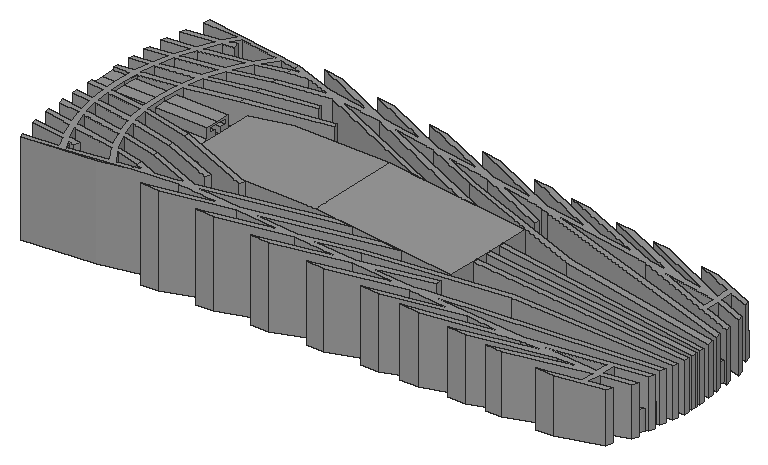
Revit family "Superstreet 340", category Осветительные приборы, Revit 2017 (continued)
Types (11, lengths in mm): name | built-in parameter 1150134 | Файл фотометрической сетки | built-in parameter 1150105 | Lumens | built-in parameter 1150106 | built-in parameter 1150142 | Wattage | built-in parameter 1150107 | Артикул
  (no name) | 2 | "Superstreet 340-310-LLI8-5.0K-01.ies" | 2716.1 (stored number, unit not read) | 34131 lm | 27.161 (stored number, unit not read) | "ISNA:LM-63-1995\r\n[TEST]LEDEL\r\n[DATA]28.05.2018\r\n[MANUFAC]LEDEL\r\n[LUMCAT]Superstreet 340/310/Ш8/5.0K/01\r\n[LUMINAIRE]Для освещения дорог категорий А и Б, городских улиц и площадей\r\n[LAMPCAT]LED\r\n[LAMP]OSRAM OSLON SQUARE3\r\nTILT=NONE\r\n\r\n1 34131 1.743423405016 37 37 1 2 0.636 0.256 0.100\r\n1 1 310\r\n\r\n0 2.5 5 7.5 10 12.5 15 17.5 20 22.5 25 27.5 30 32.5 35 37.5 40 42.5 45 47.5\r\n 50 52.5 55 57.5 60 62.5 65 67.5 70 72.5 75 77.5 80 82.5 85 87.5 90\r\n\r\n90 95 100 105 110 115 120 125 130 135 140 145 150 155 160 165 170 175 180\r\n 185 190 195 200 205 210 215 220 225 230 235 240 245 250 255 260 265 270\r\n\r\n\r\n  5234 5069 4912 4721 4546 4367 4231 4063 3931 3763 3617 3444 3273 3104 2928\r\n  2742 2555 2372 2218 2006 1787 1530 1281 1087 952 824 703 601 506 425\r\n  323 249 147 103 59 56 37\r\n  5220 5081 4912 4744 4554 4385 4231 4100 3939 3792 3624 3459 3294 3122 2965\r\n  2785 2584 2394 2211 2010 1801 1533 1289 1095 952 820 689 601 520 414\r\n  337 249 162 106 59 41 37\r\n  5212 5077 4920 4747 4583 4422 4275 4129 3983 3840 3690 3532 3375 3221 3068\r\n  2885 2702 2486 2270 2068 1845 1600 1333 1102 981 835 711 615 528 428\r\n  330 253 191 118 74 44 37\r\n  5234 5081 4927 4773 4590 4436 4305 4176 4026 3880 3726 3573 3426 3280 3133\r\n  2958 2745 2504 2299 2094 1896 1640 1362 1146 996 850 732 630 535 440\r\n  337 264 191 118 88 44 37\r\n  5227 5081 4934 4773 4612 4495 4349 4239 4092 3957 3800 3646 3485 3368 3265\r\n  3082 2804 2548 2328 2141 1918 1684 1421 1190 1011 879 769 663 571 443\r\n  366 282 198 129 59 44 37\r\n  5198 5081 4949 4795 4656 4528 4422 4311 4195 4063 3939 3778 3639 3514 3397\r\n  3243 2958 2654 2431 2255 2057 1805 1523 1278 1077 934 820 692 593 464\r\n  381 293 191 129 74 44 44\r\n  5212 5095 4978 4846 4707 4601 4502 4422 4290 4213 4100 3953 3807 3701 3573\r\n  3386 3119 2855 2636 2431 2248 2010 1750 1494 1230 1014 879 762 645 516\r\n  396 293 198 121 59 59 30\r\n  5198 5081 4993 4861 4751 4637 4568 4495 4414 4315 4231 4114 4012 3901 3748\r\n  3517 3273 3046 2826 2639 2467 2255 1984 1691 1413 1172 1011 853 703 571\r\n  418 305 198 132 88 59 37\r\n  5212 5106 5015 4920 4824 4744 4671 4612 4568 4495 4429 4352 4275 4191 4070\r\n  3807 3543 3356 3170 2961 2745 2562 2299 1992 1662 1395 1216 1029 842 637\r\n  454 308 220 169 88 48 30\r\n  5198 5110 5015 4938 4861 4788 4758 4715 4678 4627 4583 4524 4466 4378 4195\r\n  3957 3770 3631 3470 3269 3038 2815 2606 2302 1926 1618 1421 1190 937 703\r\n  484 337 213 132 96 44 44\r\n  5198 5117 5051 4993 4934 4864 4846 4846 4817 4784 4729 4700 4663 4583 4414\r\n  4224 4085 3939 3800 3635 3441 3221 2972 2727 2343 1943 1647 1391 1084 780\r\n  535 370 249 147 103 82 52\r\n  5190 5132 5073 5011 4985 4956 4949 4945 4941 4923 4912 4882 4861 4777 4656\r\n  4524 4414 4311 4188 4045 3924 3734 3529 3313 2987 2551 2035 1533 1208 868\r\n  601 414 264 154 110 55 52\r\n  5212 5154 5103 5081 5051 5037 5051 5069 5081 5077 5081 5095 5081 5022 4941\r\n  4861 4817 4770 4678 4583 4502 4422 4349 4224 4026 3631 2987 2156 1435 1014\r\n  718 502 293 191 118 88 59\r\n  5212 5154 5110 5110 5110 5110 5146 5168 5190 5227 5256 5256 5249 5230 5198\r\n  5165 5154 5150 5051 5004 4993 4978 4978 4956 4861 4586 3939 2931 1845 1149\r\n  784 531 323 202 125 88 59\r\n  5190 5168 5154 5168 5161 5194 5242 5271 5315 5344 5395 5421 5432 5424 5447\r\n  5432 5447 5432 5344 5292 5322 5344 5403 5476 5505 5453 5146 4304 3002 1698\r\n  1003 663 418 264 140 103 74\r\n  5183 5172 5161 5183 5212 5256 5329 5359 5417 5476 5505 5560 5600 5614 5652\r\n  5640 5666 5637 5512 5505 5549 5578 5637 5710 5813 5900 5813 5252 4056 2615\r\n  1435 798 484 290 162 92 59\r\n  5183 5168 5176 5198 5256 5326 5403 5476 5512 5578 5622 5666 5710 5743 5769\r\n  5779 5813 5713 5622 5637 5652 5666 5673 5739 5856 5959 5959 5658 4751 3347\r\n  2035 1097 579 337 162 103 88\r\n  5183 5183 5212 5245 5315 5388 5483 5564 5608 5677 5739 5791 5820 5856 5893\r\n  5912 5886 5769 5695 5710 5681 5677 5673 5725 5769 5798 5725 5530 4971 3850\r\n  2482 1350 667 344 191 118 74\r\n  5183 5183 5183 5227 5242 5286 5344 5406 5476 5549 5593 5652 5710 5754 5813\r\n  5842 5893 5845 5827 5801 5798 5798 5805 5813 5813 5725 5534 5173 4385 3369\r\n  2240 1144 476 249 140 100 59\r\n  5183 5198 5227 5242 5286 5344 5417 5490 5564 5637 5725 5798 5835 5900 5974\r\n  6018 6069 6047 6010 5988 5974 5959 5944 5926 5900 5809 5622 5341 4715 3790\r\n  2643 1466 630 264 147 103 88\r\n  5183 5204 5256 5286 5351 5429 5490 5578 5666 5743 5820 5904 5988 6065 6149\r\n  6208 6244 6241 6230 6222 6208 6219 6208 6222 6208 6164 6083 6018 5666 4778\r\n  3390 1799 732 308 198 132 96\r\n  5183 5242 5271 5344 5410 5505 5586 5666 5761 5856 5966 6050 6142 6237 6310\r\n  6384 6427 6457 6449 6471 6486 6574 6647 6720 6837 6911 6976 6998 6362 4917\r\n  3294 1784 740 337 191 114 74\r\n  5190 5256 5315 5388 5476 5549 5652 5739 5842 5936 6054 6149 6244 6340 6427\r\n  6501 6574 6662 6728 6823 6940 7104 7291 7467 7643 7804 7774 7266 6127 4650\r\n  3265 1945 886 363 183 103 59\r\n  5212 5256 5322 5406 5498 5593 5695 5798 5900 6000 6120 6211 6310 6402 6501\r\n  6629 6720 6867 7028 7221 7423 7613 7796 7997 8235 8283 7818 6904 5695 4065\r\n  2460 1308 689 366 205 129 96\r\n  5212 5286 5359 5447 5556 5640 5739 5842 5952 6061 6164 6284 6391 6530 6647\r\n  6797 6962 7148 7364 7543 7694 7851 8045 8308 8433 8072 7181 5866 4063 2267\r\n  1230 758 491 282 176 88 52\r\n  5190 5271 5373 5442 5556 5640 5747 5842 5944 6061 6157 6296 6405 6548 6698\r\n  6881 7064 7262 7423 7540 7635 7789 8016 8147 7848 6967 5505 3659 2050 1246\r\n  850 597 396 227 125 88 44\r\n  5198 5292 5388 5490 5586 5681 5783 5863 5974 6076 6179 6314 6464 6618 6786\r\n  6958 7130 7262 7320 7379 7445 7566 7628 7229 6310 4885 3163 1876 1281 975\r\n  711 469 323 205 125 88 44\r\n  5198 5292 5395 5490 5593 5688 5783 5863 5981 6097 6222 6369 6537 6694 6859\r\n  6995 7086 7116 7108 7119 7130 6984 6384 5349 3990 2510 1582 1245 1025 788\r\n  571 381 279 176 96 59 30\r\n  5212 5318 5417 5509 5600 5710 5798 5886 5974 6079 6230 6369 6530 6668 6793\r\n  6881 6903 6878 6815 6709 6530 5996 4978 3743 2284 1490 1238 1037 857 671\r\n  513 363 271 147 96 48 44\r\n  5198 5315 5417 5520 5615 5691 5798 5863 5981 6120 6244 6413 6545 6647 6735\r\n  6746 6691 6588 6442 6201 5813 5100 4070 2765 1633 1224 1055 913 769 615\r\n  498 366 264 147 96 44 30\r\n  5212 5333 5425 5549 5637 5713 5798 5852 5981 6120 6252 6413 6537 6621 6632\r\n  6585 6486 6322 6083 5725 5234 4441 3375 2121 1333 1080 930 814 681 586\r\n  469 363 249 147 88 44 30\r\n  5198 5329 5432 5527 5608 5710 5769 5842 5974 6097 6266 6413 6515 6559 6515\r\n  6424 6274 6003 5659 5228 4612 3767 2665 1604 1157 993 857 747 623 539\r\n  440 352 257 147 96 44 30\r\n  5227 5329 5432 5527 5622 5710 5761 5842 5959 6091 6252 6384 6471 6497 6427\r\n  6307 6113 5809 5395 4909 4261 3409 2270 1414 1077 937 828 692 608 510\r\n  418 330 249 144 88 30 22\r\n  5234 5344 5461 5564 5644 5713 5783 5856 5988 6135 6288 6409 6457 6427 6325\r\n  6179 5944 5575 5132 4620 3917 2966 1867 1235 1025 901 769 671 579 476\r\n  396 293 205 144 74 30 22\r\n  5212 5333 5439 5552 5622 5688 5761 5827 5944 6079 6237 6369 6413 6384 6288\r\n  6143 5871 5490 5051 4536 3836 2868 1794 1224 1011 876 762 659 579 466\r\n  374 293 191 129 66 19 15\r\n  5220 5347 5476 5564 5637 5710 5754 5827 5930 6091 6237 6340 6384 6336 6244\r\n  6076 5805 5393 4934 4418 3690 2721 1706 1201 1011 876 754 630 542 466\r\n  381 290 191 118 52 41 30\r\n  5234 5359 5476 5564 5652 5710 5754 5831 5944 6113 6244 6340 6384 6314 6230\r\n  6073 5747 5286 4839 4287 3536 2520 1574 1168 1018 876 747 653 535 454\r\n  366 253 183 114 59 30 15" | 229.773 W | 5000 (stored number, unit not read) | "306115"
  Superstreet 340 4.0К Ш7 | 12 | "Superstreet 340-310-LLI7-4.0K-05.ies" | 2750.6 (stored number, unit not read) | 34565 lm | 27.506 (stored number, unit not read) | "ISNA:LM-63-1995\r\n[TEST]LEDEL\r\n[DATA]28.05.2018\r\n[MANUFAC]LEDEL\r\n[LUMCAT]Superstreet 340/310/Ш7/4.0K/05\r\n[LUMINAIRE]Для освещения дорог категорий А и Б, городских улиц и площадей\r\n[LAMPCAT]LED\r\n[LAMP]OSRAM OSLON SQUARE3\r\nTILT=NONE\r\n\r\n1 34565 1.2651903367496 37 37 1 2 0.636 0.256 0.100\r\n1 1 310\r\n\r\n0 2.5 5 7.5 10 12.5 15 17.5 20 22.5 25 27.5 30 32.5 35 37.5 40 42.5 45 47.5\r\n 50 52.5 55 57.5 60 62.5 65 67.5 70 72.5 75 77.5 80 82.5 85 87.5 90\r\n\r\n90 95 100 105 110 115 120 125 130 135 140 145 150 155 160 165 170 175 180\r\n 185 190 195 200 205 210 215 220 225 230 235 240 245 250 255 260 265 270\r\n\r\n  6845 6637 6468 6340 6224 6122 6040 5994 5964 5946 5928 5855 5708 5491 5207\r\n  4870 4497 4086 3619 2936 2029 1269 936 811 716 646 559 477 399 329\r\n  272 218 163 121 85 73 67\r\n  6842 6643 6489 6364 6248 6157 6076 6030 6006 5994 5961 5874 5717 5479 5191\r\n  4841 4467 4068 3601 2928 2026 1263 927 800 710 628 550 473 405 339\r\n  278 224 176 123 85 73 73\r\n  6836 6648 6504 6394 6284 6193 6115 6061 6030 6002 5961 5857 5677 5424 5110\r\n  4749 4371 3984 3553 2938 2080 1299 927 793 695 612 538 473 408 345\r\n  281 227 176 127 91 73 73\r\n  6839 6656 6519 6411 6305 6212 6136 6073 6030 5994 5931 5810 5614 5351 5016\r\n  4646 4262 3887 3468 2895 2101 1331 927 787 692 610 526 462 405 345\r\n  284 236 182 130 91 79 73\r\n  6857 6687 6556 6442 6341 6248 6166 6092 6040 5990 5907 5781 5587 5312 4980\r\n  4606 4229 3857 3477 2977 2243 1457 969 793 701 618 538 471 408 351\r\n  293 242 188 141 103 79 73\r\n  6876 6714 6592 6479 6381 6291 6202 6128 6067 6000 5910 5780 5590 5327 4998\r\n  4634 4265 3909 3562 3146 2530 1737 1102 829 722 642 574 498 429 365\r\n  311 254 206 147 106 79 76\r\n  6885 6744 6613 6509 6411 6317 6242 6175 6109 6038 5952 5839 5665 5430 5131\r\n  4784 4416 4053 3710 3320 2783 2016 1283 885 737 654 583 521 459 396\r\n  332 272 206 151 106 79 79\r\n  6903 6767 6643 6545 6462 6376 6296 6230 6160 6082 6000 5888 5726 5501 5222\r\n  4892 4540 4186 3833 3447 2922 2221 1473 966 758 667 598 544 480 417\r\n  348 278 209 147 109 80 79\r\n  6933 6809 6697 6604 6528 6450 6378 6308 6239 6171 6091 5990 5858 5677 5448\r\n  5171 4847 4501 4141 3789 3387 2822 2050 1299 882 731 643 575 514 447\r\n  378 296 224 160 112 85 79\r\n  6945 6835 6737 6652 6592 6531 6462 6394 6335 6278 6202 6109 6003 5869 5689\r\n  5454 5170 4852 4497 4144 3776 3302 2611 1773 1108 800 683 592 523 449\r\n  375 292 224 170 115 91 85\r\n  6948 6854 6770 6696 6646 6598 6534 6477 6429 6375 6299 6214 6124 6015 5880\r\n  5706 5484 5224 4914 4579 4217 3773 3151 2323 1494 952 728 616 523 443\r\n  369 292 230 170 115 91 85\r\n  6966 6888 6815 6761 6731 6694 6646 6610 6562 6509 6447 6370 6293 6214 6142\r\n  6056 5943 5802 5611 5363 5047 4666 4159 3390 2397 1459 885 667 553 473\r\n  405 320 239 171 121 100 88\r\n  6972 6912 6857 6815 6803 6780 6767 6743 6713 6670 6622 6562 6498 6442 6414\r\n  6405 6393 6381 6344 6263 6106 5834 5406 4730 3713 2472 1389 813 619 485\r\n  387 308 242 176 124 103 91\r\n  6984 6937 6900 6875 6875 6882 6882 6882 6872 6841 6806 6767 6719 6696 6703\r\n  6741 6803 6882 6975 7060 7105 7081 6906 6419 5499 4106 2530 1302 731 515\r\n  399 316 245 182 133 109 103\r\n  7002 6978 6954 6948 6969 7002 7032 7045 7051 7051 7038 7020 7011 7014 7045\r\n  7105 7217 7368 7552 7707 7853 8081 8285 8289 7823 6601 4666 2611 1171 632\r\n  456 340 251 183 139 115 109\r\n  7014 7008 7008 7020 7063 7111 7171 7214 7250 7274 7286 7298 7316 7340 7389\r\n  7491 7678 7905 8046 8065 8206 8518 8934 9387 9673 9413 8113 5688 2970 1262\r\n  649 427 287 194 151 121 112\r\n  7038 6978 6933 6918 6960 7037 7138 7248 7355 7454 7545 7641 7721 7792 7859\r\n  7935 8013 8158 8466 8560 8318 8108 8046 8074 8164 8374 8792 9496 10222 9363\r\n  5843 2073 459 177 206 196 157\r\n  7038 6972 6909 6888 6912 6978 7069 7165 7253 7339 7416 7491 7564 7623 7681\r\n  7745 7844 8056 8306 8277 8037 7884 7847 7882 7977 8169 8505 9025 9254 7315\r\n  3462 939 302 272 248 194 145\r\n  7032 6934 6863 6845 6875 6931 7008 7082 7150 7214 7280 7336 7383 7438 7488\r\n  7541 7648 7948 8215 8006 7711 7642 7678 7776 7956 8262 8707 9327 9269 6496\r\n  2563 578 345 289 212 151 121\r\n  7038 6971 6906 6888 6915 6978 7072 7167 7253 7340 7419 7494 7564 7624 7684\r\n  7746 7850 8063 8306 8272 8031 7882 7847 7884 7977 8176 8520 9037 9242 7225\r\n  3372 909 293 272 245 192 145\r\n  7038 7051 7051 7087 7129 7209 7304 7376 7437 7491 7533 7570 7612 7654 7718\r\n  7855 8125 8417 8460 8317 8327 8482 8762 9230 9912 10638 10817 9538 6534 3389\r\n  1286 529 332 222 170 137 115\r\n  7014 6993 6954 6949 6996 7070 7180 7305 7431 7541 7648 7746 7841 7921 8010\r\n  8084 8152 8262 8590 8923 8795 8496 8391 8458 8701 9202 10132 11696 13277 12469\r\n  8391 3318 764 247 236 212 170\r\n  7002 6996 6972 6978 7026 7111 7226 7361 7497 7619 7733 7843 7944 8042 8125\r\n  8215 8297 8387 8629 9035 9163 9005 8985 9247 9890 11072 12785 14109 13895 11897\r\n  8885 5242 1965 519 221 182 157\r\n  6984 6996 6984 7008 7069 7153 7271 7408 7555 7686 7808 7921 8043 8150 8255\r\n  8362 8484 8614 8837 9302 9670 9792 10014 10778 12426 14096 14194 13140 12190 10471\r\n  7041 3191 1005 438 293 210 142\r\n  6972 7002 7008 7045 7108 7192 7313 7450 7600 7746 7874 8004 8128 8259 8394\r\n  8538 8713 8917 9190 9677 10289 10786 11608 13450 14725 14134 12884 11593 9208 5164\r\n  1956 816 529 379 266 180 118\r\n  6966 7008 7032 7081 7144 7232 7337 7474 7627 7778 7923 8060 8212 8362 8538\r\n  8748 8994 9306 9679 10116 10690 11728 13609 14784 14236 12909 10775 7159 3311 1390\r\n  827 595 435 326 251 176 115\r\n  6948 7010 7051 7112 7186 7268 7373 7511 7669 7825 7983 8129 8294 8484 8719\r\n  9012 9347 9729 10180 10789 11831 13568 14644 13990 12260 8812 4280 1754 1096 850\r\n  619 476 381 295 221 150 91\r\n 6945 7020 7072 7141 7217 7298 7386 7517 7675 7832 7989 8152 8336 8564 8855\r\n  9196 9565 9985 10560 11435 12878 14073 13603 11822 7808 3327 1443 1067 843 645\r\n  532 469 387 306 215 144 85\r\n  6933 7020 7084 7167 7256 7336 7422 7547 7687 7843 8007 8187 8406 8674 8994\r\n  9342 9734 10246 10986 12100 13183 13045 11584 7858 3360 1421 1030 872 701 592\r\n  529 477 399 308 224 150 85\r\n  6903 7016 7102 7192 7292 7376 7470 7577 7711 7855 8022 8232 8493 8792 9112\r\n  9457 9881 10460 11270 12197 12374 11278 8068 3303 1325 1033 894 729 628 562\r\n  514 438 354 284 224 150 82\r\n  6885 7020 7114 7214 7319 7413 7497 7606 7721 7855 8025 8248 8523 8822 9124\r\n  9471 9924 10518 11230 11680 11164 9251 4998 1839 1027 917 803 693 616 556\r\n  486 402 339 284 221 144 79\r\n  6876 7023 7129 7239 7349 7444 7536 7636 7742 7862 8034 8267 8544 8828 9121\r\n  9466 9927 10479 10977 10907 9779 6791 2922 1248 936 864 767 677 610 541\r\n  453 381 323 278 212 139 79\r\n  6857 7023 7150 7269 7386 7485 7576 7674 7778 7909 8083 8321 8605 8870 9145\r\n  9513 9975 10424 10615 9987 8071 4378 1679 1030 936 826 719 645 580 489\r\n  411 349 308 254 185 120 61\r\n  6839 7016 7159 7281 7404 7505 7591 7686 7799 7939 8110 8351 8611 8852 9121\r\n  9483 9897 10228 10183 9266 6924 3396 1374 989 915 807 710 645 559 469\r\n  399 349 302 241 170 109 61\r\n  6836 7016 7168 7299 7419 7521 7615 7708 7814 7945 8125 8365 8620 8841 9097\r\n  9432 9785 10040 9909 8910 6513 3311 1443 965 900 833 755 674 580 489\r\n  426 375 317 242 173 120 76\r\n  6842 7034 7186 7325 7452 7552 7648 7745 7850 7981 8170 8424 8665 8894 9163\r\n  9505 9827 9978 9610 8258 5439 2466 1217 1012 942 852 764 677 577 483\r\n  417 357 287 210 148 91 55\r\n  6845 7040 7207 7348 7476 7582 7684 7782 7890 8018 8212 8478 8726 8955 9214\r\n  9558 9854 9987 9583 8258 5575 2690 1286 995 945 873 782 687 583 488\r\n  420 357 281 194 139 85 49\r\n\r\n\r\n\r\n" | 232.695 W | 4000 (stored number, unit not read) | "306118"
  Superstreet 340 4.0К Ш8 | 12 | "Superstreet 340-310-LLI8-4.0K-01.ies" | 2716.1 (stored number, unit not read) | 34131 lm | 27.161 (stored number, unit not read) | "ISNA:LM-63-1995\r\n[TEST]LEDEL\r\n[DATA]28.05.2018\r\n[MANUFAC]LEDEL\r\n[LUMCAT]Superstreet 340/310/Ш8/4.0K/01\r\n[LUMINAIRE]Для освещения дорог категорий А и Б, городских улиц и площадей\r\n[LAMPCAT]LED\r\n[LAMP]OSRAM OSLON SQUARE3\r\nTILT=NONE\r\n\r\n1 34131 1.743423405016 37 37 1 2 0.636 0.256 0.100\r\n1 1 310\r\n\r\n0 2.5 5 7.5 10 12.5 15 17.5 20 22.5 25 27.5 30 32.5 35 37.5 40 42.5 45 47.5\r\n 50 52.5 55 57.5 60 62.5 65 67.5 70 72.5 75 77.5 80 82.5 85 87.5 90\r\n\r\n90 95 100 105 110 115 120 125 130 135 140 145 150 155 160 165 170 175 180\r\n 185 190 195 200 205 210 215 220 225 230 235 240 245 250 255 260 265 270\r\n\r\n\r\n  5234 5069 4912 4721 4546 4367 4231 4063 3931 3763 3617 3444 3273 3104 2928\r\n  2742 2555 2372 2218 2006 1787 1530 1281 1087 952 824 703 601 506 425\r\n  323 249 147 103 59 56 37\r\n  5220 5081 4912 4744 4554 4385 4231 4100 3939 3792 3624 3459 3294 3122 2965\r\n  2785 2584 2394 2211 2010 1801 1533 1289 1095 952 820 689 601 520 414\r\n  337 249 162 106 59 41 37\r\n  5212 5077 4920 4747 4583 4422 4275 4129 3983 3840 3690 3532 3375 3221 3068\r\n  2885 2702 2486 2270 2068 1845 1600 1333 1102 981 835 711 615 528 428\r\n  330 253 191 118 74 44 37\r\n  5234 5081 4927 4773 4590 4436 4305 4176 4026 3880 3726 3573 3426 3280 3133\r\n  2958 2745 2504 2299 2094 1896 1640 1362 1146 996 850 732 630 535 440\r\n  337 264 191 118 88 44 37\r\n  5227 5081 4934 4773 4612 4495 4349 4239 4092 3957 3800 3646 3485 3368 3265\r\n  3082 2804 2548 2328 2141 1918 1684 1421 1190 1011 879 769 663 571 443\r\n  366 282 198 129 59 44 37\r\n  5198 5081 4949 4795 4656 4528 4422 4311 4195 4063 3939 3778 3639 3514 3397\r\n  3243 2958 2654 2431 2255 2057 1805 1523 1278 1077 934 820 692 593 464\r\n  381 293 191 129 74 44 44\r\n  5212 5095 4978 4846 4707 4601 4502 4422 4290 4213 4100 3953 3807 3701 3573\r\n  3386 3119 2855 2636 2431 2248 2010 1750 1494 1230 1014 879 762 645 516\r\n  396 293 198 121 59 59 30\r\n  5198 5081 4993 4861 4751 4637 4568 4495 4414 4315 4231 4114 4012 3901 3748\r\n  3517 3273 3046 2826 2639 2467 2255 1984 1691 1413 1172 1011 853 703 571\r\n  418 305 198 132 88 59 37\r\n  5212 5106 5015 4920 4824 4744 4671 4612 4568 4495 4429 4352 4275 4191 4070\r\n  3807 3543 3356 3170 2961 2745 2562 2299 1992 1662 1395 1216 1029 842 637\r\n  454 308 220 169 88 48 30\r\n  5198 5110 5015 4938 4861 4788 4758 4715 4678 4627 4583 4524 4466 4378 4195\r\n  3957 3770 3631 3470 3269 3038 2815 2606 2302 1926 1618 1421 1190 937 703\r\n  484 337 213 132 96 44 44\r\n  5198 5117 5051 4993 4934 4864 4846 4846 4817 4784 4729 4700 4663 4583 4414\r\n  4224 4085 3939 3800 3635 3441 3221 2972 2727 2343 1943 1647 1391 1084 780\r\n  535 370 249 147 103 82 52\r\n  5190 5132 5073 5011 4985 4956 4949 4945 4941 4923 4912 4882 4861 4777 4656\r\n  4524 4414 4311 4188 4045 3924 3734 3529 3313 2987 2551 2035 1533 1208 868\r\n  601 414 264 154 110 55 52\r\n  5212 5154 5103 5081 5051 5037 5051 5069 5081 5077 5081 5095 5081 5022 4941\r\n  4861 4817 4770 4678 4583 4502 4422 4349 4224 4026 3631 2987 2156 1435 1014\r\n  718 502 293 191 118 88 59\r\n  5212 5154 5110 5110 5110 5110 5146 5168 5190 5227 5256 5256 5249 5230 5198\r\n  5165 5154 5150 5051 5004 4993 4978 4978 4956 4861 4586 3939 2931 1845 1149\r\n  784 531 323 202 125 88 59\r\n  5190 5168 5154 5168 5161 5194 5242 5271 5315 5344 5395 5421 5432 5424 5447\r\n  5432 5447 5432 5344 5292 5322 5344 5403 5476 5505 5453 5146 4304 3002 1698\r\n  1003 663 418 264 140 103 74\r\n  5183 5172 5161 5183 5212 5256 5329 5359 5417 5476 5505 5560 5600 5614 5652\r\n  5640 5666 5637 5512 5505 5549 5578 5637 5710 5813 5900 5813 5252 4056 2615\r\n  1435 798 484 290 162 92 59\r\n  5183 5168 5176 5198 5256 5326 5403 5476 5512 5578 5622 5666 5710 5743 5769\r\n  5779 5813 5713 5622 5637 5652 5666 5673 5739 5856 5959 5959 5658 4751 3347\r\n  2035 1097 579 337 162 103 88\r\n  5183 5183 5212 5245 5315 5388 5483 5564 5608 5677 5739 5791 5820 5856 5893\r\n  5912 5886 5769 5695 5710 5681 5677 5673 5725 5769 5798 5725 5530 4971 3850\r\n  2482 1350 667 344 191 118 74\r\n  5183 5183 5183 5227 5242 5286 5344 5406 5476 5549 5593 5652 5710 5754 5813\r\n  5842 5893 5845 5827 5801 5798 5798 5805 5813 5813 5725 5534 5173 4385 3369\r\n  2240 1144 476 249 140 100 59\r\n  5183 5198 5227 5242 5286 5344 5417 5490 5564 5637 5725 5798 5835 5900 5974\r\n  6018 6069 6047 6010 5988 5974 5959 5944 5926 5900 5809 5622 5341 4715 3790\r\n  2643 1466 630 264 147 103 88\r\n  5183 5204 5256 5286 5351 5429 5490 5578 5666 5743 5820 5904 5988 6065 6149\r\n  6208 6244 6241 6230 6222 6208 6219 6208 6222 6208 6164 6083 6018 5666 4778\r\n  3390 1799 732 308 198 132 96\r\n  5183 5242 5271 5344 5410 5505 5586 5666 5761 5856 5966 6050 6142 6237 6310\r\n  6384 6427 6457 6449 6471 6486 6574 6647 6720 6837 6911 6976 6998 6362 4917\r\n  3294 1784 740 337 191 114 74\r\n  5190 5256 5315 5388 5476 5549 5652 5739 5842 5936 6054 6149 6244 6340 6427\r\n  6501 6574 6662 6728 6823 6940 7104 7291 7467 7643 7804 7774 7266 6127 4650\r\n  3265 1945 886 363 183 103 59\r\n  5212 5256 5322 5406 5498 5593 5695 5798 5900 6000 6120 6211 6310 6402 6501\r\n  6629 6720 6867 7028 7221 7423 7613 7796 7997 8235 8283 7818 6904 5695 4065\r\n  2460 1308 689 366 205 129 96\r\n  5212 5286 5359 5447 5556 5640 5739 5842 5952 6061 6164 6284 6391 6530 6647\r\n  6797 6962 7148 7364 7543 7694 7851 8045 8308 8433 8072 7181 5866 4063 2267\r\n  1230 758 491 282 176 88 52\r\n  5190 5271 5373 5442 5556 5640 5747 5842 5944 6061 6157 6296 6405 6548 6698\r\n  6881 7064 7262 7423 7540 7635 7789 8016 8147 7848 6967 5505 3659 2050 1246\r\n  850 597 396 227 125 88 44\r\n  5198 5292 5388 5490 5586 5681 5783 5863 5974 6076 6179 6314 6464 6618 6786\r\n  6958 7130 7262 7320 7379 7445 7566 7628 7229 6310 4885 3163 1876 1281 975\r\n  711 469 323 205 125 88 44\r\n  5198 5292 5395 5490 5593 5688 5783 5863 5981 6097 6222 6369 6537 6694 6859\r\n  6995 7086 7116 7108 7119 7130 6984 6384 5349 3990 2510 1582 1245 1025 788\r\n  571 381 279 176 96 59 30\r\n  5212 5318 5417 5509 5600 5710 5798 5886 5974 6079 6230 6369 6530 6668 6793\r\n  6881 6903 6878 6815 6709 6530 5996 4978 3743 2284 1490 1238 1037 857 671\r\n  513 363 271 147 96 48 44\r\n  5198 5315 5417 5520 5615 5691 5798 5863 5981 6120 6244 6413 6545 6647 6735\r\n  6746 6691 6588 6442 6201 5813 5100 4070 2765 1633 1224 1055 913 769 615\r\n  498 366 264 147 96 44 30\r\n  5212 5333 5425 5549 5637 5713 5798 5852 5981 6120 6252 6413 6537 6621 6632\r\n  6585 6486 6322 6083 5725 5234 4441 3375 2121 1333 1080 930 814 681 586\r\n  469 363 249 147 88 44 30\r\n  5198 5329 5432 5527 5608 5710 5769 5842 5974 6097 6266 6413 6515 6559 6515\r\n  6424 6274 6003 5659 5228 4612 3767 2665 1604 1157 993 857 747 623 539\r\n  440 352 257 147 96 44 30\r\n  5227 5329 5432 5527 5622 5710 5761 5842 5959 6091 6252 6384 6471 6497 6427\r\n  6307 6113 5809 5395 4909 4261 3409 2270 1414 1077 937 828 692 608 510\r\n  418 330 249 144 88 30 22\r\n  5234 5344 5461 5564 5644 5713 5783 5856 5988 6135 6288 6409 6457 6427 6325\r\n  6179 5944 5575 5132 4620 3917 2966 1867 1235 1025 901 769 671 579 476\r\n  396 293 205 144 74 30 22\r\n  5212 5333 5439 5552 5622 5688 5761 5827 5944 6079 6237 6369 6413 6384 6288\r\n  6143 5871 5490 5051 4536 3836 2868 1794 1224 1011 876 762 659 579 466\r\n  374 293 191 129 66 19 15\r\n  5220 5347 5476 5564 5637 5710 5754 5827 5930 6091 6237 6340 6384 6336 6244\r\n  6076 5805 5393 4934 4418 3690 2721 1706 1201 1011 876 754 630 542 466\r\n  381 290 191 118 52 41 30\r\n  5234 5359 5476 5564 5652 5710 5754 5831 5944 6113 6244 6340 6384 6314 6230\r\n  6073 5747 5286 4839 4287 3536 2520 1574 1168 1018 876 747 653 535 454\r\n  366 253 183 114 59 30 15" | 229.773 W | 4000 (stored number, unit not read) | "306117"
